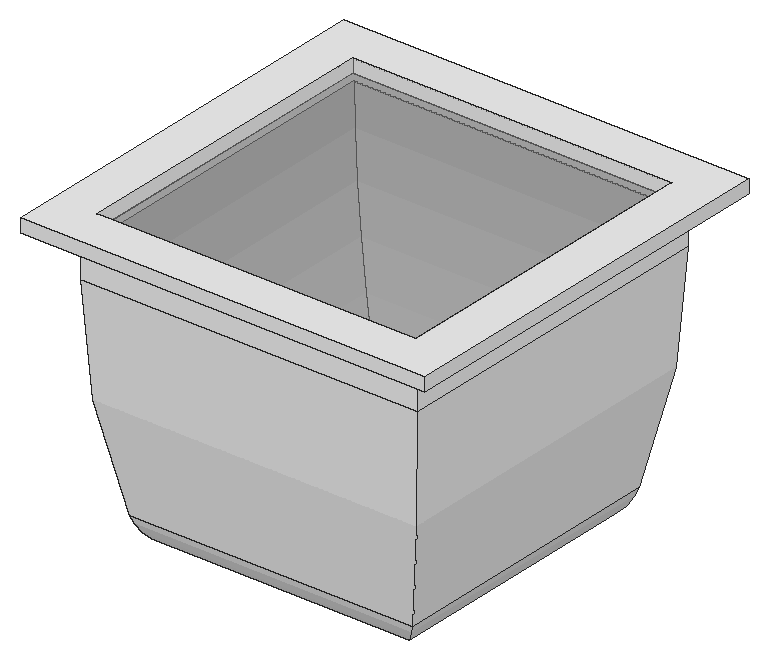
Revit family "3097112 Lighting Fixture_Sylvania_Insaver LED 75 Square White Bezel_Ceiling Recessed", category Lighting Fixtures, host Face, Revit 2017
Family settings
  Host = Face
  Round Connector Dimension = Use Diameter
  Part Type = Normal
  OmniClass Number = 23.80.70.11.17
  OmniClass Title = Specialized Lighting by Location or Use
  Cut with Voids When Loaded = No
  Light Source = Yes
  Shared = No
  Room Calculation Point = No
Parameters (values of type "Insaver 75 LED SQ WW DB WH")
  Width = Length  # 90.0 mm
  Weight = 0.40 kg
  Wattage = 16 W
  built-in parameter 1150110 = 1 (stored number, unit not read)
  Voltage Comments = "UNV (Universal Voltage; 220-240 Volt)"  # constant formula
  Voltage = 240 V  # constant formula
  URL = "http://www.sylvania-lighting.com"
  built-in parameter 1114217 = 1 (stored number, unit not read)
  Tilt Angle = -90.00°  # constant formula
  built-in parameter 1150109 = 1 (stored number, unit not read)
  built-in parameter 1150134 = 12
  built-in parameter 1150113 = 1 (stored number, unit not read)
  Reflector Material = Metal_Sylvania_Insaver 75 LED_Silver
  Product Page URL = "http://www.sylvania-lighting.com/product/en-int/products/3097112"
  Product Family = "Insaver 75 LED Square White Bezel"  # constant formula
  Photometry Comments = ""
  Photometric Web File = "3097104_Insaver75LEDSQWWDBWH-185552.ies"
  built-in parameter 1150105 = 71.149 (stored number, unit not read)
  Lumens = 894.08 lm
  built-in parameter 1150115 = 1 (stored number, unit not read)
  built-in parameter 1150137 = (empty or 0)
  built-in parameter 1150139 = (empty or 0)
  Life = "50 000h"  # constant formula
  Length = 90.0 mm
  built-in parameter 1150112 = 1 (stored number, unit not read)
  built-in parameter 1150114 = 1 (stored number, unit not read)
  built-in parameter 1150132 = 2
  built-in parameter 1150102 = (empty or 0)
  built-in parameter 1150107 = 4000 (stored number, unit not read)
  built-in parameter 1150138 = (empty or 0)
  built-in parameter 1150106 = 0.71149 (stored number, unit not read)
  IK Rating = "IK02"  # constant formula
  Emit from Rectangle Width = Cutout Width - 8.0 mm  # 67.0 mm
  Emit from Rectangle Length = Cutout Length - 8.0 mm  # 67.0 mm
  Emit Shape Visible in Rendering = no
  built-in parameter 1150104 = 5.1914 (stored number, unit not read)
  Drive Current = "350mA"  # constant formula
  Dimming Lamp Color Temperature Shift = <None>
  Cutout Width = Cutout Length  # 75.0 mm
  Cutout Length = Length - 15.0 mm  # 75.0 mm
  Color Filter = 16777215
  CRI ( Ra ) = 80
  Body Material = Aluminum_Sylvania_Insaver 75 LED_White
  Beam Angle = "Wide"  # constant formula
  built-in parameter 1114218 = 1 (stored number, unit not read)
  built-in parameter 1150133 = 10 (stored number, unit not read)
  IP Rating = "IP65"  # constant formula
  Height = 65.0 mm
  Electrical Protection = "CLASS II"  # constant formula
  built-in parameter 1114216 [instance] = 1 (stored number, unit not read)
  Model = "3097104 Insaver 75 LED SQ WW DB WH"
  Manufacturer = "Feilo Sylvania"
  Lamp = "Integrated LED"
  Diffuser Material = Polycarbonate_Sylvania_Insaver 75 LED_Clear
  Description = "16W to 38W LED white downlight. Harnesing the power of Mid Power LEDs. Ideal for applications such as reception areas, offices, general public circulation areas, corridors or and any location that requires long service hours and high switching cycles. Choice of 3,000K warm white or 4,000K neutral white colour temperature. IP44 with accessory. IP65 as standard on Insaver 75. High lumen output - up to 2,922lm. Cost effective product - will help you comply with Building regulations - up to 73lm/W. Available in Low profile as well as well as Low glare versions. Available in DALI versions. Available in Emergency versions. Quick and easy to install. LED technology provides energy efficient solution and reduced maintenance costs and long lifetime. To discover for yourself how much your business can save on its energy bills, simply visit our online Savings Calculator at: www.havells-sylvania.com"  # constant formula
  Default Elevation = 0.0 mm
  built-in parameter 1140040 [instance] = 1
  Assembly Code = "D5020200"
  Apparent Load Comments = ""
  Apparent Load = 16 VA
Types (4, lengths in mm): name | Wattage | built-in parameter 1150134 | Photometric Web File | built-in parameter 1150105 | Lumens | built-in parameter 1150107 | built-in parameter 1150106 | Model
  Insaver 75 LED SQ WW DB WH | 16 W | 12 | "3097104_Insaver75LEDSQWWDBWH-185552.ies" | 71.149 (stored number, unit not read) | 894.08 lm | 4000 (stored number, unit not read) | 0.71149 (stored number, unit not read) | "3097104 Insaver 75 LED SQ WW DB WH"
  Insaver 75 LED SQ HO 16W WW EB WH | 19.1124 W | (empty or 0) | "3097178_Insaver75LEDSQHO16WWWEBWH-98607.ies" | 763.09 (stored number, unit not read) | 1068 lm | 3000 (stored number, unit not read) | 7.6309 (stored number, unit not read) | "3097178 Insaver 75 LED SQ HO 16W WW EB WH"
  Insaver 75 LED SQ HO 16W NW EB WH | 20.5082 W | 12 | "3097179_Insaver75LEDSQHO16WNWEBWH-98631.ies" | 818.83 (stored number, unit not read) | 1146 lm | 4000 (stored number, unit not read) | 8.1883 (stored number, unit not read) | "3097179 Insaver 75 LED SQ HO 16W NW EB WH"
  Insaver 75 LED SQ HO 16W WW DB WH | 19.1124 W | (empty or 0) | "3097112_Insaver75LEDSQHO16WWWDBWH-98616.ies" | 821.29 (stored number, unit not read) | 1068 lm | 3000 (stored number, unit not read) | 8.2129 (stored number, unit not read) | "3097112 Insaver 75 LED SQ HO 16W WW DB WH"
Reference planes
  plane 1 "Center (Front/Back)": y = 0
  plane 2: z = 0
  plane 3 "Center (Left/Right)": x = 0
  plane 4 "Fixture Left": x = -45
  plane 5 "Fixture Front": y = -45
  plane 6 "Fixture Back": y = 45
  plane 7 "Fixture Right": x = 45
  plane 8: x = -37.5
  plane 9: x = 37.5
  plane 10: y = 37.5
  plane 11: y = -37.5
  plane 12 "Fixture Bottom": z = 3
  plane 13: y = 35.5
  plane 14: y = -35.5
  plane 15: x = 35.5
  plane 16: x = -35.5
  plane 17 "Fixture Top": z = -65
  plane 18: z = -40
  plane 19: x = -13.5
  plane 20: x = 13.5
  plane 21: x = -33.5
  plane 22: x = 33.5
  plane 23: y = 33.5
  plane 24: y = -33.5
  plane 25: y = 13.5
  plane 26: y = -13.5
  plane 27: z = -37.61
  plane 28: z = -63
Forms (mm)
  Extrusion 1, solid, material "Aluminum_Sylvania_Insaver 75 LED_White" <- "Body Material", detail levels fine
    sketch origin (0, 0, 58) x (-1, 0, 0) y (0, -1, 0)
      loop
        line (45, -45) -> (45, 45) -> (-45, 45) -> (-45, -45) -> (45, -45)
      loop
        line (35.5, -35.5) -> (35.5, 35.5) -> (-35.5, 35.5) -> (-35.5, -35.5) -> (35.5, -35.5)
    from -58 to -55
  Sweep 2, solid, material "Metal_Sylvania_Insaver 75 LED_Silver" <- "Reflector Material", detail levels fine
    path origin (0, 0, 58) x (-1, 0, 0) y (0, -1, 0)
      loop
        line (-33.5, -33.5) -> (33.5, -33.5) -> (33.5, 33.5) -> (-33.5, 33.5) -> (-33.5, -33.5)
    profile origin (0, 33.5, 58) x (0, -1, 0) y (0, 0, 1)
      loop
        arc (-2, -58) -> (3.863, -80.825) -> (20, -98) r 47.364
        line (20, -98) -> (20, -95.61)
        arc (20, -95.61) -> (5.311, -79.299) -> (0, -58) r 45.364
        line (0, -58) -> (-2, -58)
  Extrusion 3, solid, material "Metal_Sylvania_Insaver 75 LED_Silver" <- "Reflector Material", detail levels fine
    sketch origin (0, 0, 58) x (-1, 0, 0) y (0, -1, 0)
      loop
        line (13.5, -13.5) -> (13.5, 13.5) -> (-13.5, 13.5) -> (-13.5, -13.5) -> (13.5, -13.5)
    from -98 to -95.61
  Extrusion 4, void
    sketch origin (0, 0, 58) x (-1, 0, 0) y (0, -1, 0)
      loop
        line (37.5, -37.5) -> (37.5, 37.5) -> (-37.5, 37.5) -> (-37.5, -37.5) -> (37.5, -37.5)
    from -123 to -58
  Sweep 5, solid, material "Aluminum_Sylvania_Insaver 75 LED_White" <- "Body Material"
    path origin (0, 0, 58) x (-1, 0, 0) y (0, -1, 0)
      loop
        line (37.5, -37.5) -> (37.5, 37.5) -> (-37.5, 37.5) -> (-37.5, -37.5) -> (37.5, -37.5)
    profile origin (0, 37.5, 58) x (0, 1, 0) y (0, 0, 1)
      loop
        line (-2, -58) -> (-2, -68)
        arc (-2, -68) -> (-3.484, -91.677) -> (-7.914, -114.983) r 189.584
        arc (-7.914, -114.983) -> (-10.758, -119.319) -> (-15.664, -121) r 8
        line (-15.664, -121) -> (-24, -121) -> (-24, -123) -> (-15.664, -123)
        arc (-15.664, -123) -> (-9.532, -120.899) -> (-5.976, -115.478) r 10
        arc (-5.976, -115.478) -> (-1.5, -91.926) -> (0, -68) r 191.584
        line (0, -68) -> (0, -58) -> (-2, -58)
  Extrusion 6, solid, material "Aluminum_Sylvania_Insaver 75 LED_White" <- "Body Material"
    sketch origin (0, 0, 58) x (-1, 0, 0) y (0, -1, 0)
      loop
        line (13.5, -13.5) -> (13.5, 13.5) -> (-13.5, 13.5) -> (-13.5, -13.5) -> (13.5, -13.5)
    from -123 to -121
  Extrusion 7, solid, material "Polycarbonate_Sylvania_Insaver 75 LED_Clear" <- "Diffuser Material", detail levels fine
    sketch origin (0, 0, 58) x (-1, 0, 0) y (0, -1, 0)
      loop
        line (35.5, -35.5) -> (35.5, 35.5) -> (-35.5, 35.5) -> (-35.5, -35.5) -> (35.5, -35.5)
    from -58 to -55
  Extrusion 8, solid, material "Aluminum_Sylvania_Insaver 75 LED_White" <- "Body Material", detail levels coarse+medium
    sketch origin (0, 0, 58) x (-1, 0, 0) y (0, -1, 0)
      loop
        line (45, -45) -> (45, 45) -> (-45, 45) -> (-45, -45) -> (45, -45)
    from -58 to -55
Cuts and joins
  joined: Sweep 2, Extrusion 3
  joined: Sweep 5, Extrusion 6
Dimensions and locks
  equal spacing: plane 4 "Fixture Left", plane 3 "Center (Left/Right)", plane 7 "Fixture Right"
  "Length": plane 4 "Fixture Left" to plane 7 "Fixture Right"
  equal spacing: plane 6 "Fixture Back", plane 1 "Center (Front/Back)", plane 5 "Fixture Front"
  "Width": plane 6 "Fixture Back" to plane 5 "Fixture Front"
  equal spacing: plane 8, plane 3 "Center (Left/Right)", plane 9
  "Cutout Length": plane 8 to plane 9
  equal spacing: plane 10, plane 1 "Center (Front/Back)", plane 11
  "Cutout Width": plane 10 to plane 11
  locked: plane 12 "Fixture Bottom" to plane 2 at 3
  locked: plane 8 to plane 16 at 2
  locked: plane 15 to plane 9 at 2
  locked: plane 10 to plane 13 at 2
  locked: plane 11 to plane 14 at 2
  "Height": plane 2 to plane 17 "Fixture Top"
  locked: plane 13 to plane 23 at 2
  locked: plane 14 to plane 24 at 2
  locked: plane 16 to plane 21 at 2
  locked: plane 22 to plane 15 at 2
  locked: plane 21 to plane 19 at 20
  locked: plane 20 to plane 22 at 20
  locked: plane 23 to plane 25 at 20
  locked: plane 24 to plane 26 at 20
  plane 10 to plane 11 = 75.0 mm
  plane 2 to Sweep 5 sketch curve = 10.0 mm
  locked: plane 28 to plane 17 "Fixture Top" at 2
  locked: Sweep 5 sketch curve to plane 28 at 5.522
  locked: Sweep 5 sketch curve to plane 28 at 6.017
  aligned and locked: host face to plane 2
  aligned and locked: host face to level
  aligned and locked: plane 3 "Center (Left/Right)" to imposter light
  aligned and locked: imposter light to plane 1 "Center (Front/Back)"
  aligned and locked: Extrusion 1 sketch curve to plane 6 "Fixture Back"
  aligned and locked: plane 4 "Fixture Left" to Extrusion 1 sketch curve
  aligned and locked: plane 5 "Fixture Front" to Extrusion 1 sketch curve
  aligned and locked: plane 7 "Fixture Right" to Extrusion 1 sketch curve
  aligned and locked: Extrusion 1 to plane 2
  aligned and locked: plane 12 "Fixture Bottom" to Extrusion 1
  aligned and locked: Extrusion 1 sketch curve to plane 13
  aligned and locked: Extrusion 1 sketch curve to plane 16
  aligned and locked: Extrusion 1 sketch curve to plane 14
  aligned and locked: plane 15 to Extrusion 1 sketch curve
  aligned and locked: plane 23 to Sweep 2 sketch curve
  aligned and locked: plane 22 to Sweep 2 sketch curve
  aligned and locked: plane 24 to Sweep 2 sketch curve
  aligned and locked: Sweep 2 sketch curve to plane 21
  aligned and locked: plane 13 to Sweep 2 sketch curve
  aligned and locked: plane 18 to Sweep 2 sketch curve
  aligned and locked: plane 25 to Sweep 2 sketch curve
  aligned and locked: Sweep 2 sketch curve to plane 2
  aligned and locked: plane 27 to Sweep 2
  aligned and locked: Extrusion 3 sketch curve to plane 20
  aligned and locked: plane 19 to Extrusion 3 sketch curve
  aligned and locked: Extrusion 3 sketch curve to plane 25
  aligned and locked: Extrusion 3 sketch curve to plane 26
  aligned and locked: Extrusion 3 to plane 18
  aligned and locked: plane 27 to Extrusion 3
  aligned and locked: plane 8 to Extrusion 4 sketch curve
  aligned and locked: plane 9 to Extrusion 4 sketch curve
  aligned and locked: Extrusion 4 sketch curve to plane 10
  aligned and locked: Extrusion 4 sketch curve to plane 11
  aligned and locked: Extrusion 4 to plane 17 "Fixture Top"
  aligned and locked: level to Extrusion 4
  aligned and locked: Sweep 5 sketch curve to plane 10
  aligned and locked: plane 8 to Sweep 5 sketch curve
  aligned and locked: Sweep 5 sketch curve to plane 11
  aligned and locked: plane 9 to Sweep 5 sketch curve
  aligned and locked: Sweep 5 sketch curve to plane 2
  aligned and locked: plane 10 to Sweep 5 sketch curve
  aligned and locked: plane 13 to Sweep 5 sketch curve
  aligned and locked: Extrusion 6 sketch curve to plane 20
  aligned and locked: plane 19 to Extrusion 6 sketch curve
  aligned and locked: Extrusion 6 sketch curve to plane 25
  aligned and locked: Extrusion 6 sketch curve to plane 26
  aligned and locked: Extrusion 6 to plane 17 "Fixture Top"
  aligned and locked: plane 28 to Extrusion 6
  aligned and locked: Extrusion 7 sketch curve to plane 16
  aligned and locked: Extrusion 7 sketch curve to plane 13
  aligned and locked: plane 15 to Extrusion 7 sketch curve
  aligned and locked: Extrusion 7 sketch curve to plane 14
  aligned and locked: Extrusion 7 to plane 2
  aligned and locked: plane 12 "Fixture Bottom" to Extrusion 7
  aligned and locked: plane 7 "Fixture Right" to Extrusion 8 sketch curve
  aligned and locked: plane 5 "Fixture Front" to Extrusion 8 sketch curve
  aligned and locked: plane 4 "Fixture Left" to Extrusion 8 sketch curve
  aligned and locked: Extrusion 8 sketch curve to plane 6 "Fixture Back"
  aligned and locked: Extrusion 8 to plane 2
  aligned and locked: plane 12 "Fixture Bottom" to Extrusion 8
  aligned and locked: plane 28 to Sweep 5 sketch curve
  aligned and locked: plane 17 "Fixture Top" to Sweep 5 sketch curve
  aligned and locked: imposter light to plane 12 "Fixture Bottom"
Automatic sketch dimensions
  host sketch curve to host sketch curve = 700.0 mm
  host sketch curve to host sketch curve = 620.0 mm
  Sweep 2 sketch curve to Sweep 2 sketch curve = 0.0 mm
  Sweep 2 sketch curve to profile plane = 0.0 mm
  profile plane to Sweep 5 sketch curve = 24.0 mm
  Sweep 5 sketch curve to Sweep 5 sketch curve = 0.0 mm  (x4)
  Sweep 5 sketch curve to Sweep 5 sketch curve = 1.938 mm
Connectors
  electrical at (0, 0, -65), driven by "Voltage", driven by "Apparent Load"
    settings: on Extrusion 6, index 1, voltage 240 V, apparent load 0 VA, apparent load phase1 16 VA, apparent load phase2 0 VA, apparent load phase3 0 VA, power factor 1, load classification "Lighting", number of poles 1, system type 31, power factor state 1, is connector primary yes, connector utility no, sub classification motor no, connector description ""
